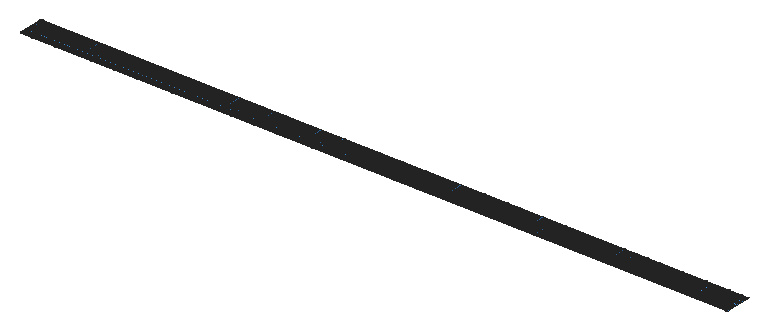
Revit family "Murfor Compact E-70 Masonry Reinforcement", category Specialty Equipment, Revit 2018
Family settings
  Round Connector Dimension = Use Diameter
  Part Type = Normal
  Work Plane-Based = No
  Always vertical = Yes
  Cut with Voids When Loaded = No
  Shared = No
  Room Calculation Point = No
Parameters (values of type "Murfor Compact E-70")
  Z = 71.50 mm
  Youngs Modulus - Gpa = 150
  Yield Strength - Mpa = 1300
  Y [instance] = X / 2  # 30
  X [instance] = Length L / Step c - 1  # 60
  Width - w = 70.00 mm
  Weight kg/ roll = "2.65kg per roll"
  URL = "https://www.bekaert.com/en/"
  Type Image = Murfor Compact E-70.PNG
  Type Comments = "A mesh consisiting of 14 steel cords."
  Thickness - e = 1.75 mm
  Strain Agt = 2
  Step c = 33.00 mm
  Steel Section Total = 9.66 mm
  Pitch (short) - a = 5.00 mm
  Pitch (long) - b = 7.50 mm
  Model = ""
  Material Coating Reference EN845-3 = "R1"
  Material = Austenitic Stainless Steel
  Manufacturer = "Bekaert"
  Longtidinal Cord = 0.69 mm
  Length L [instance] = 2000.00 mm
  Keynote = "Suitable for all mortar joints with thickness between 3mm and 12mm"
  Description = "Compact masonry reinforcement, steel chords on interwoven fibreglass roving"
  Datasheet = "https://www.bekaert.com/en/product-catalog/content/datasheets/Murfor-Compact"
  Application = "Murfor Compact E-70 is made of Ausenitic Stainless steel (Molybdene - chrome - nickel alloy). This type of reinforcement has been specifically designed for exterior masonry (exposure class MX2, MX3 and MX4, compliant with Eurocode 6/EN 845-3"
Types (2, lengths in mm): name | Type Image | Type Comments | Keynote
  Murfor Compact E-70 | Murfor Compact E-70.PNG | "A mesh consisiting of 14 steel cords." | "Suitable for all mortar joints with thickness between 3mm and 12mm"
  Murfor Compact E-70 Masonry Reinforcement | <None> | "Suitable for all mortar joints with thickness between 3mm and 12mm" | "A mesh consisiting of 14 steel cords."
Reference planes
  plane 1 "Center (Front/Back)": y = 0
  plane 2: z = 0
  plane 3 "Center (Left/Right)": x = 0
  plane 4 "Center L/S": x = 2000
  plane 5 "Center L/T": y = 70
  plane 6 "Center L/U": y = 5
  plane 7 "Center L/V": y = 10
  plane 8 "Center L/W": y = 55
  plane 9 "Center L/X": y = 60
  plane 10 "Center L/Y": y = 65
  plane 11 "Center L/Z": y = -1.75
  plane 12 "Center L/AA": y = 71.75
  plane 13: z = 0.875
  plane 14 "Center L/BB": y = 15
  plane 15 "Center L/CC": y = 20
  plane 16 "Center L/DD": y = 25
  plane 17 "Center L/EE": y = 50
  plane 18 "Center L/FF": y = 45
  plane 19 "Center L/GG": y = 32.5
  plane 20 "Center L/II": y = 37.5
Lines and regions (mm)
  symbolic lines, style "Masonry Reinforcement"
    curve 1: line (0, 71.75, 0) -> (2000, 71.75, 0)
    curve 2: line (0, -1.75, 0) -> (0, 71.75, 0)
    curve 3: line (2000, -1.75, 0) -> (0, -1.75, 0)
    curve 4: line (2000, 71.75, 0) -> (2000, -1.75, 0)
    curve 5: line (0, 60, 0) -> (2000, 60, 0)
    curve 6: line (0, 10, 0) -> (2000, 10, 0)
    curve 69: line (0, 20, 0) -> (2000, 20, 0)
    curve 70: line (0, 50, 0) -> (2000, 50, 0)
    curve 71: line (0, 32.5, 0) -> (2000, 32.5, 0)
    curve 72: line (0, 37.5, 0) -> (2000, 37.5, 0)
  symbolic lines
    curve 7: line (0, 0, 0) -> (33, 70.985, 0)
    curve 8: line (33, 70.985, 0) -> (66, -0.515, 0)
    curve 11: line (66, 0, 0) -> (99, 70.985, 0)
    curve 12: line (99, 70.985, 0) -> (132, -0.515, 0)
    curve 13: line (132, 0, 0) -> (165, 70.985, 0)
    curve 14: line (165, 70.985, 0) -> (198, -0.515, 0)
    curve 15: line (198, 0, 0) -> (231, 70.985, 0)
    curve 16: line (231, 70.985, 0) -> (264, -0.515, 0)
    curve 17: line (264, 0, 0) -> (297, 70.985, 0)
    curve 18: line (297, 70.985, 0) -> (330, -0.515, 0)
    curve 19: line (330, 0, 0) -> (363, 70.985, 0)
    curve 20: line (363, 70.985, 0) -> (396, -0.515, 0)
    curve 21: line (396, 0, 0) -> (429, 70.985, 0)
    curve 22: line (429, 70.985, 0) -> (462, -0.515, 0)
    curve 23: line (462, 0, 0) -> (495, 70.985, 0)
    curve 24: line (495, 70.985, 0) -> (528, -0.515, 0)
    curve 25: line (528, 0, 0) -> (561, 70.985, 0)
    curve 26: line (561, 70.985, 0) -> (594, -0.515, 0)
    curve 27: line (594, 0, 0) -> (627, 70.985, 0)
    curve 28: line (627, 70.985, 0) -> (660, -0.515, 0)
    curve 29: line (660, 0, 0) -> (693, 70.985, 0)
    curve 30: line (693, 70.985, 0) -> (726, -0.515, 0)
    curve 31: line (726, 0, 0) -> (759, 70.985, 0)
    curve 32: line (759, 70.985, 0) -> (792, -0.515, 0)
    curve 33: line (792, 0, 0) -> (825, 70.985, 0)
    curve 34: line (825, 70.985, 0) -> (858, -0.515, 0)
    curve 35: line (858, 0, 0) -> (891, 70.985, 0)
    curve 36: line (891, 70.985, 0) -> (924, -0.515, 0)
    curve 37: line (924, 0, 0) -> (957, 70.985, 0)
    curve 38: line (957, 70.985, 0) -> (990, -0.515, 0)
    curve 39: line (990, 0, 0) -> (1023, 70.985, 0)
    curve 40: line (1023, 70.985, 0) -> (1056, -0.515, 0)
    curve 41: line (1056, 0, 0) -> (1089, 70.985, 0)
    curve 42: line (1089, 70.985, 0) -> (1122, -0.515, 0)
    curve 43: line (1122, 0, 0) -> (1155, 70.985, 0)
    curve 44: line (1155, 70.985, 0) -> (1188, -0.515, 0)
    curve 45: line (1188, 0, 0) -> (1221, 70.985, 0)
    curve 46: line (1221, 70.985, 0) -> (1254, -0.515, 0)
    curve 47: line (1254, 0, 0) -> (1287, 70.985, 0)
    curve 48: line (1287, 70.985, 0) -> (1320, -0.515, 0)
    curve 49: line (1320, 0, 0) -> (1353, 70.985, 0)
    curve 50: line (1353, 70.985, 0) -> (1386, -0.515, 0)
    curve 51: line (1386, 0, 0) -> (1419, 70.985, 0)
    curve 52: line (1419, 70.985, 0) -> (1452, -0.515, 0)
    curve 53: line (1452, 0, 0) -> (1485, 70.985, 0)
    curve 54: line (1485, 70.985, 0) -> (1518, -0.515, 0)
    curve 55: line (1518, 0, 0) -> (1551, 70.985, 0)
    curve 56: line (1551, 70.985, 0) -> (1584, -0.515, 0)
    curve 57: line (1584, 0, 0) -> (1617, 70.985, 0)
    curve 58: line (1617, 70.985, 0) -> (1650, -0.515, 0)
    curve 59: line (1650, 0, 0) -> (1683, 70.985, 0)
    curve 60: line (1683, 70.985, 0) -> (1716, -0.515, 0)
    curve 61: line (1716, 0, 0) -> (1749, 70.985, 0)
    curve 62: line (1749, 70.985, 0) -> (1782, -0.515, 0)
    curve 63: line (1782, 0, 0) -> (1815, 70.985, 0)
    curve 64: line (1815, 70.985, 0) -> (1848, -0.515, 0)
    curve 65: line (1848, 0, 0) -> (1881, 70.985, 0)
    curve 66: line (1881, 70.985, 0) -> (1914, -0.515, 0)
    curve 67: line (1914, 0, 0) -> (1947, 70.985, 0)
    curve 68: line (1947, 70.985, 0) -> (1980, -0.515, 0)
  symbolic lines, not visible
    curve 9: line (0, 0, 0) -> (33, 70.985, 0)
    curve 10: line (33, 70.985, 0) -> (66, -0.515, 0)
Dimensions and locks
  "Length L": plane 3 "Center (Left/Right)" to plane 4 "Center L/S"
  "Width - w": plane 1 "Center (Front/Back)" to plane 5 "Center L/T"
  "Pitch (short) - a": plane 1 "Center (Front/Back)" to plane 6 "Center L/U"
  "Pitch (short) - a": plane 6 "Center L/U" to plane 7 "Center L/V"
  "Pitch (short) - a": plane 10 "Center L/Y" to plane 5 "Center L/T"
  "Pitch (short) - a": plane 9 "Center L/X" to plane 10 "Center L/Y"
  "Pitch (short) - a": plane 8 "Center L/W" to plane 9 "Center L/X"
  "Thickness - e": plane 5 "Center L/T" to plane 12 "Center L/AA"
  "Thickness - e": plane 11 "Center L/Z" to plane 1 "Center (Front/Back)"
  "Step c": plane 3 "Center (Left/Right)" to nested 8
  nested 8 to level = 0.00 mm
  equal spacing: group 2, group 4, group 5, group 6, group 7, group 8, group 9, group 10, group 11, group 12, group 13, group 14, group 15, group 16, group 17, group 18, group 19, group 20, group 21, group 22, group 23, group 24, group 25, group 26, group 27, group 28, group 29, group 30, group 31, group 32  (x3)
  "Pitch (short) - a": plane 18 "Center L/FF" to plane 17 "Center L/EE"
  "Pitch (short) - a": plane 17 "Center L/EE" to plane 8 "Center L/W"
  "Pitch (short) - a": plane 7 "Center L/V" to plane 14 "Center L/BB"
  "Pitch (short) - a": plane 14 "Center L/BB" to plane 15 "Center L/CC"
  "Pitch (short) - a": plane 15 "Center L/CC" to plane 16 "Center L/DD"
  "Pitch (long) - b": plane 16 "Center L/DD" to plane 19 "Center L/GG"
  "Pitch (long) - b": plane 20 "Center L/II" to plane 18 "Center L/FF"
  equal spacing: group 1, group 33, group 34, group 35, group 36, group 37, group 38, group 39, group 40, group 41, group 42, group 43, group 44, group 45, group 46, group 47, group 48, group 49, group 50, group 51, group 52, group 53, group 54, group 55, group 56, group 57, group 58, group 59, group 60, group 61, group 62, group 63, group 64, group 65, group 66, group 67, group 68, group 69, group 70, group 71, group 72, group 73, group 74, group 75, group 76, group 77, group 78, group 79, group 80, group 81, group 82, group 83, group 84, group 85, group 86, group 87, group 88, group 89, group 90, group 91  (x3)
  aligned and locked: level to plane 2
  aligned and locked: plane 1 "Center (Front/Back)" to nested 1
  aligned and locked: plane 3 "Center (Left/Right)" to nested 1  (x2)
  aligned and locked: plane 5 "Center L/T" to nested 6
  aligned and locked: plane 3 "Center (Left/Right)" to nested 6
  aligned and locked: plane 3 "Center (Left/Right)" to nested 5
  aligned and locked: plane 3 "Center (Left/Right)" to nested 7  (x2)
  aligned and locked: plane 3 "Center (Left/Right)" to nested 4
  aligned and locked: plane 3 "Center (Left/Right)" to nested 3
  aligned and locked: plane 3 "Center (Left/Right)" to nested 2
  aligned and locked: nested 1 to plane 3 "Center (Left/Right)"
  aligned and locked: plane 6 "Center L/U" to nested 2
  aligned and locked: plane 7 "Center L/V" to nested 3
  aligned and locked: plane 8 "Center L/W" to nested 4
  aligned and locked: plane 9 "Center L/X" to nested 7
  aligned and locked: plane 10 "Center L/Y" to nested 5
  aligned and locked: plane 4 "Center L/S" to nested 6  (x2)
  aligned and locked: plane 4 "Center L/S" to nested 5  (x2)
  aligned and locked: plane 4 "Center L/S" to nested 7  (x2)
  aligned and locked: plane 4 "Center L/S" to nested 4  (x2)
  aligned and locked: plane 4 "Center L/S" to nested 3  (x2)
  aligned and locked: plane 4 "Center L/S" to nested 1
  aligned and locked: plane 4 "Center L/S" to nested 2  (x2)
  aligned and locked: plane 12 "Center L/AA" to curve 1
  aligned and locked: plane 3 "Center (Left/Right)" to curve 2
  aligned and locked: curve 3 to plane 11 "Center L/Z"
  aligned and locked: curve 2 to curve 6
  aligned and locked: plane 4 "Center L/S" to curve 6
  aligned and locked: plane 14 "Center L/BB" to nested 9
  aligned and locked: plane 15 "Center L/CC" to nested 10
  aligned and locked: plane 16 "Center L/DD" to nested 11
  aligned and locked: plane 17 "Center L/EE" to nested 12
  aligned and locked: plane 18 "Center L/FF" to nested 13
  aligned and locked: plane 19 "Center L/GG" to nested 14
  aligned and locked: plane 20 "Center L/II" to nested 15
  aligned and locked: nested 2 to plane 3 "Center (Left/Right)"
  aligned and locked: nested 3 to plane 3 "Center (Left/Right)"
  aligned and locked: plane 3 "Center (Left/Right)" to nested 9
  aligned and locked: plane 3 "Center (Left/Right)" to nested 10
  aligned and locked: plane 3 "Center (Left/Right)" to nested 11
  aligned and locked: plane 3 "Center (Left/Right)" to nested 14
  aligned and locked: plane 3 "Center (Left/Right)" to nested 15
  aligned and locked: plane 3 "Center (Left/Right)" to nested 13
  aligned and locked: nested 15 to plane 3 "Center (Left/Right)"
  aligned and locked: plane 3 "Center (Left/Right)" to nested 12
  aligned and locked: nested 4 to plane 3 "Center (Left/Right)"
  aligned and locked: nested 7 to plane 3 "Center (Left/Right)"
  aligned and locked: nested 5 to plane 3 "Center (Left/Right)"
  aligned and locked: nested 6 to plane 3 "Center (Left/Right)"
  aligned and locked: plane 4 "Center L/S" to nested 9  (x2)
  aligned and locked: plane 4 "Center L/S" to nested 10
  aligned and locked: plane 4 "Center L/S" to nested 11
  aligned and locked: plane 4 "Center L/S" to nested 14
  aligned and locked: plane 4 "Center L/S" to nested 15
  aligned and locked: plane 4 "Center L/S" to nested 13
  aligned and locked: plane 4 "Center L/S" to nested 12
Automatic sketch dimensions
  curve 7 to curve 8 = 33.00 mm
  curve 7 to curve 8 = 66.00 mm
  curve 8 to curve 7 = 0.515 mm
  curve 7 to curve 8 = 70.985 mm
  curve 9 to curve 10 = 33.00 mm
  curve 9 to curve 10 = 66.00 mm
  curve 10 to curve 9 = 0.515 mm
  curve 9 to curve 10 = 70.985 mm
  curve 11 to curve 12 = 33.00 mm
  curve 11 to curve 12 = 66.00 mm
  curve 12 to curve 11 = 0.515 mm
  curve 11 to curve 12 = 70.985 mm
  curve 13 to curve 14 = 33.00 mm
  curve 13 to curve 14 = 66.00 mm
  curve 14 to curve 13 = 0.515 mm
  curve 13 to curve 14 = 70.985 mm
  curve 15 to curve 16 = 33.00 mm
  curve 15 to curve 16 = 66.00 mm
  curve 16 to curve 15 = 0.515 mm
  curve 15 to curve 16 = 70.985 mm
  curve 17 to curve 18 = 33.00 mm
  curve 17 to curve 18 = 66.00 mm
  curve 18 to curve 17 = 0.515 mm
  curve 17 to curve 18 = 70.985 mm
  curve 19 to curve 20 = 33.00 mm
  curve 19 to curve 20 = 66.00 mm
  curve 20 to curve 19 = 0.515 mm
  curve 19 to curve 20 = 70.985 mm
  curve 21 to curve 22 = 33.00 mm
  curve 21 to curve 22 = 66.00 mm
  curve 22 to curve 21 = 0.515 mm
  curve 21 to curve 22 = 70.985 mm
  curve 23 to curve 24 = 33.00 mm
  curve 23 to curve 24 = 66.00 mm
  curve 24 to curve 23 = 0.515 mm
  curve 23 to curve 24 = 70.985 mm
  curve 25 to curve 26 = 33.00 mm
  curve 25 to curve 26 = 66.00 mm
  curve 26 to curve 25 = 0.515 mm
  curve 25 to curve 26 = 70.985 mm
  curve 27 to curve 28 = 33.00 mm
  curve 27 to curve 28 = 66.00 mm
  curve 28 to curve 27 = 0.515 mm
  curve 27 to curve 28 = 70.985 mm
  curve 29 to curve 30 = 33.00 mm
  curve 29 to curve 30 = 66.00 mm
  curve 30 to curve 29 = 0.515 mm
  curve 29 to curve 30 = 70.985 mm
  curve 31 to curve 32 = 33.00 mm
  curve 31 to curve 32 = 66.00 mm
  curve 32 to curve 31 = 0.515 mm
  curve 31 to curve 32 = 70.985 mm
  curve 33 to curve 34 = 33.00 mm
  curve 33 to curve 34 = 66.00 mm
  curve 34 to curve 33 = 0.515 mm
  curve 33 to curve 34 = 70.985 mm
  curve 35 to curve 36 = 33.00 mm
  curve 35 to curve 36 = 66.00 mm
  curve 36 to curve 35 = 0.515 mm
  curve 35 to curve 36 = 70.985 mm
  curve 37 to curve 38 = 33.00 mm
  curve 37 to curve 38 = 66.00 mm
  curve 38 to curve 37 = 0.515 mm
  curve 37 to curve 38 = 70.985 mm
  curve 39 to curve 40 = 33.00 mm
  curve 39 to curve 40 = 66.00 mm
  curve 40 to curve 39 = 0.515 mm
  curve 39 to curve 40 = 70.985 mm
  curve 41 to curve 42 = 33.00 mm
  curve 41 to curve 42 = 66.00 mm
  curve 42 to curve 41 = 0.515 mm
  curve 41 to curve 42 = 70.985 mm
  curve 43 to curve 44 = 33.00 mm
  curve 43 to curve 44 = 66.00 mm
  curve 44 to curve 43 = 0.515 mm
  curve 43 to curve 44 = 70.985 mm
  curve 45 to curve 46 = 33.00 mm
  curve 45 to curve 46 = 66.00 mm
  curve 46 to curve 45 = 0.515 mm
  curve 45 to curve 46 = 70.985 mm
  curve 47 to curve 48 = 33.00 mm
  curve 47 to curve 48 = 66.00 mm
  curve 48 to curve 47 = 0.515 mm
  curve 47 to curve 48 = 70.985 mm
  curve 49 to curve 50 = 33.00 mm
  curve 49 to curve 50 = 66.00 mm
  curve 50 to curve 49 = 0.515 mm
  curve 49 to curve 50 = 70.985 mm
  curve 51 to curve 52 = 33.00 mm
  curve 51 to curve 52 = 66.00 mm
  curve 52 to curve 51 = 0.515 mm
  curve 51 to curve 52 = 70.985 mm
  curve 53 to curve 54 = 33.00 mm
  curve 53 to curve 54 = 66.00 mm
  curve 54 to curve 53 = 0.515 mm
  curve 53 to curve 54 = 70.985 mm
  curve 55 to curve 56 = 33.00 mm
  curve 55 to curve 56 = 66.00 mm
  curve 56 to curve 55 = 0.515 mm
  curve 55 to curve 56 = 70.985 mm
  curve 57 to curve 58 = 33.00 mm
  curve 57 to curve 58 = 66.00 mm
  curve 58 to curve 57 = 0.515 mm
  curve 57 to curve 58 = 70.985 mm
  curve 59 to curve 60 = 33.00 mm
  curve 59 to curve 60 = 66.00 mm
  curve 60 to curve 59 = 0.515 mm
  curve 59 to curve 60 = 70.985 mm
  curve 61 to curve 62 = 33.00 mm
  curve 61 to curve 62 = 66.00 mm
  curve 62 to curve 61 = 0.515 mm
  curve 61 to curve 62 = 70.985 mm
  curve 63 to curve 64 = 33.00 mm
  curve 63 to curve 64 = 66.00 mm
  curve 64 to curve 63 = 0.515 mm
  curve 63 to curve 64 = 70.985 mm
  curve 65 to curve 66 = 33.00 mm
  curve 65 to curve 66 = 66.00 mm
  curve 66 to curve 65 = 0.515 mm
  curve 65 to curve 66 = 70.985 mm
  curve 67 to curve 68 = 33.00 mm
  curve 67 to curve 68 = 66.00 mm
  curve 68 to curve 67 = 0.515 mm
  curve 67 to curve 68 = 70.985 mm
  plane 7 "Center L/V" to curve 6 = 0.00 mm
  plane 15 "Center L/CC" to curve 69 = 0.00 mm
  plane 19 "Center L/GG" to curve 71 = 0.00 mm
  plane 20 "Center L/II" to curve 72 = 0.00 mm
  plane 17 "Center L/EE" to curve 70 = 0.00 mm
  plane 9 "Center L/X" to curve 5 = 0.00 mm
Nested families
  nested 1: "Murfor Cord Section" at (0, 0, 0), Material <- "Material", type "Murfor Cord Section"
    with Material Austenitic Stainless Steel, Length 2000.00 mm
  nested 2: "Murfor Cord Section" at (0, 5, 0), Material <- "Material", type "Murfor Cord Section"
    with Material Austenitic Stainless Steel, Length 2000.00 mm
  nested 3: "Murfor Cord Section" at (0, 10, 0), Material <- "Material", type "Murfor Cord Section"
    with Material Austenitic Stainless Steel, Length 2000.00 mm
  nested 4: "Murfor Cord Section" at (0, 55, 0), Material <- "Material", type "Murfor Cord Section"
    with Material Austenitic Stainless Steel, Length 2000.00 mm
  nested 5: "Murfor Cord Section" at (0, 65, 0), Material <- "Material", type "Murfor Cord Section"
    with Material Austenitic Stainless Steel, Length 2000.00 mm
  nested 6: "Murfor Cord Section" at (0, 70, 0), Material <- "Material", type "Murfor Cord Section"
    with Material Austenitic Stainless Steel, Length 2000.00 mm
  nested 7: "Murfor Cord Section" at (0, 60, 0), Material <- "Material", type "Murfor Cord Section"
    with Material Austenitic Stainless Steel, Length 2000.00 mm
  nested 8: "Murfor Cord Section" at (33, -0.515, 0) x (0, 1, 0) z (0, 0, 1), Length <- "Z", Material <- "Material", type "Murfor Cord Cross Section"
    with Material Austenitic Stainless Steel, Length 71.50 mm
  nested 9: "Murfor Cord Section" at (0, 15, 0), Material <- "Material", type "Murfor Cord Section"
    with Material Austenitic Stainless Steel, Length 2000.00 mm
  nested 10: "Murfor Cord Section" at (0, 20, 0), Material <- "Material", type "Murfor Cord Section"
    with Material Austenitic Stainless Steel, Length 2000.00 mm
  nested 11: "Murfor Cord Section" at (0, 25, 0), Material <- "Material", type "Murfor Cord Section"
    with Material Austenitic Stainless Steel, Length 2000.00 mm
  nested 12: "Murfor Cord Section" at (0, 50, 0), Material <- "Material", type "Murfor Cord Section"
    with Material Austenitic Stainless Steel, Length 2000.00 mm
  nested 13: "Murfor Cord Section" at (0, 45, 0), Material <- "Material", type "Murfor Cord Section"
    with Material Austenitic Stainless Steel, Length 2000.00 mm
  nested 14: "Murfor Cord Section" at (0, 32.5, 0), Material <- "Material", type "Murfor Cord Section"
    with Material Austenitic Stainless Steel, Length 2000.00 mm
  nested 15: "Murfor Cord Section" at (0, 37.5, 0), Material <- "Material", type "Murfor Cord Section"
    with Material Austenitic Stainless Steel, Length 2000.00 mm
  nested 16: "Murfor Cord Section" at (66, -0.515, 0) x (0, 1, 0) z (0, 0, 1), Length <- "Z", Material <- "Material", type "Murfor Cord Cross Section"
    with Material Austenitic Stainless Steel, Length 71.50 mm
  nested 17: "Murfor Cord Section" at (99, -0.515, 0) x (0, 1, 0) z (0, 0, 1), Length <- "Z", Material <- "Material", type "Murfor Cord Cross Section"
    with Material Austenitic Stainless Steel, Length 71.50 mm
  nested 18: "Murfor Cord Section" at (132, -0.515, 0) x (0, 1, 0) z (0, 0, 1), Length <- "Z", Material <- "Material", type "Murfor Cord Cross Section"
    with Material Austenitic Stainless Steel, Length 71.50 mm
  nested 19: "Murfor Cord Section" at (165, -0.515, 0) x (0, 1, 0) z (0, 0, 1), Length <- "Z", Material <- "Material", type "Murfor Cord Cross Section"
    with Material Austenitic Stainless Steel, Length 71.50 mm
  nested 20: "Murfor Cord Section" at (198, -0.515, 0) x (0, 1, 0) z (0, 0, 1), Length <- "Z", Material <- "Material", type "Murfor Cord Cross Section"
    with Material Austenitic Stainless Steel, Length 71.50 mm
  nested 21: "Murfor Cord Section" at (231, -0.515, 0) x (0, 1, 0) z (0, 0, 1), Length <- "Z", Material <- "Material", type "Murfor Cord Cross Section"
    with Material Austenitic Stainless Steel, Length 71.50 mm
  nested 22: "Murfor Cord Section" at (264, -0.515, 0) x (0, 1, 0) z (0, 0, 1), Length <- "Z", Material <- "Material", type "Murfor Cord Cross Section"
    with Material Austenitic Stainless Steel, Length 71.50 mm
  nested 23: "Murfor Cord Section" at (297, -0.515, 0) x (0, 1, 0) z (0, 0, 1), Length <- "Z", Material <- "Material", type "Murfor Cord Cross Section"
    with Material Austenitic Stainless Steel, Length 71.50 mm
  nested 24: "Murfor Cord Section" at (330, -0.515, 0) x (0, 1, 0) z (0, 0, 1), Length <- "Z", Material <- "Material", type "Murfor Cord Cross Section"
    with Material Austenitic Stainless Steel, Length 71.50 mm
  nested 25: "Murfor Cord Section" at (363, -0.515, 0) x (0, 1, 0) z (0, 0, 1), Length <- "Z", Material <- "Material", type "Murfor Cord Cross Section"
    with Material Austenitic Stainless Steel, Length 71.50 mm
  nested 26: "Murfor Cord Section" at (396, -0.515, 0) x (0, 1, 0) z (0, 0, 1), Length <- "Z", Material <- "Material", type "Murfor Cord Cross Section"
    with Material Austenitic Stainless Steel, Length 71.50 mm
  nested 27: "Murfor Cord Section" at (429, -0.515, 0) x (0, 1, 0) z (0, 0, 1), Length <- "Z", Material <- "Material", type "Murfor Cord Cross Section"
    with Material Austenitic Stainless Steel, Length 71.50 mm
  nested 28: "Murfor Cord Section" at (462, -0.515, 0) x (0, 1, 0) z (0, 0, 1), Length <- "Z", Material <- "Material", type "Murfor Cord Cross Section"
    with Material Austenitic Stainless Steel, Length 71.50 mm
  nested 29: "Murfor Cord Section" at (495, -0.515, 0) x (0, 1, 0) z (0, 0, 1), Length <- "Z", Material <- "Material", type "Murfor Cord Cross Section"
    with Material Austenitic Stainless Steel, Length 71.50 mm
  nested 30: "Murfor Cord Section" at (528, -0.515, 0) x (0, 1, 0) z (0, 0, 1), Length <- "Z", Material <- "Material", type "Murfor Cord Cross Section"
    with Material Austenitic Stainless Steel, Length 71.50 mm
  nested 31: "Murfor Cord Section" at (561, -0.515, 0) x (0, 1, 0) z (0, 0, 1), Length <- "Z", Material <- "Material", type "Murfor Cord Cross Section"
    with Material Austenitic Stainless Steel, Length 71.50 mm
  nested 32: "Murfor Cord Section" at (594, -0.515, 0) x (0, 1, 0) z (0, 0, 1), Length <- "Z", Material <- "Material", type "Murfor Cord Cross Section"
    with Material Austenitic Stainless Steel, Length 71.50 mm
  nested 33: "Murfor Cord Section" at (627, -0.515, 0) x (0, 1, 0) z (0, 0, 1), Length <- "Z", Material <- "Material", type "Murfor Cord Cross Section"
    with Material Austenitic Stainless Steel, Length 71.50 mm
  nested 34: "Murfor Cord Section" at (660, -0.515, 0) x (0, 1, 0) z (0, 0, 1), Length <- "Z", Material <- "Material", type "Murfor Cord Cross Section"
    with Material Austenitic Stainless Steel, Length 71.50 mm
  nested 35: "Murfor Cord Section" at (693, -0.515, 0) x (0, 1, 0) z (0, 0, 1), Length <- "Z", Material <- "Material", type "Murfor Cord Cross Section"
    with Material Austenitic Stainless Steel, Length 71.50 mm
  nested 36: "Murfor Cord Section" at (726, -0.515, 0) x (0, 1, 0) z (0, 0, 1), Length <- "Z", Material <- "Material", type "Murfor Cord Cross Section"
    with Material Austenitic Stainless Steel, Length 71.50 mm
  nested 37: "Murfor Cord Section" at (759, -0.515, 0) x (0, 1, 0) z (0, 0, 1), Length <- "Z", Material <- "Material", type "Murfor Cord Cross Section"
    with Material Austenitic Stainless Steel, Length 71.50 mm
  nested 38: "Murfor Cord Section" at (792, -0.515, 0) x (0, 1, 0) z (0, 0, 1), Length <- "Z", Material <- "Material", type "Murfor Cord Cross Section"
    with Material Austenitic Stainless Steel, Length 71.50 mm
  nested 39: "Murfor Cord Section" at (825, -0.515, 0) x (0, 1, 0) z (0, 0, 1), Length <- "Z", Material <- "Material", type "Murfor Cord Cross Section"
    with Material Austenitic Stainless Steel, Length 71.50 mm
  nested 40: "Murfor Cord Section" at (858, -0.515, 0) x (0, 1, 0) z (0, 0, 1), Length <- "Z", Material <- "Material", type "Murfor Cord Cross Section"
    with Material Austenitic Stainless Steel, Length 71.50 mm
  nested 41: "Murfor Cord Section" at (891, -0.515, 0) x (0, 1, 0) z (0, 0, 1), Length <- "Z", Material <- "Material", type "Murfor Cord Cross Section"
    with Material Austenitic Stainless Steel, Length 71.50 mm
  nested 42: "Murfor Cord Section" at (924, -0.515, 0) x (0, 1, 0) z (0, 0, 1), Length <- "Z", Material <- "Material", type "Murfor Cord Cross Section"
    with Material Austenitic Stainless Steel, Length 71.50 mm
  nested 43: "Murfor Cord Section" at (957, -0.515, 0) x (0, 1, 0) z (0, 0, 1), Length <- "Z", Material <- "Material", type "Murfor Cord Cross Section"
    with Material Austenitic Stainless Steel, Length 71.50 mm
  nested 44: "Murfor Cord Section" at (990, -0.515, 0) x (0, 1, 0) z (0, 0, 1), Length <- "Z", Material <- "Material", type "Murfor Cord Cross Section"
    with Material Austenitic Stainless Steel, Length 71.50 mm
  nested 45: "Murfor Cord Section" at (1023, -0.515, 0) x (0, 1, 0) z (0, 0, 1), Length <- "Z", Material <- "Material", type "Murfor Cord Cross Section"
    with Material Austenitic Stainless Steel, Length 71.50 mm
  nested 46: "Murfor Cord Section" at (1056, -0.515, 0) x (0, 1, 0) z (0, 0, 1), Length <- "Z", Material <- "Material", type "Murfor Cord Cross Section"
    with Material Austenitic Stainless Steel, Length 71.50 mm
  nested 47: "Murfor Cord Section" at (1089, -0.515, 0) x (0, 1, 0) z (0, 0, 1), Length <- "Z", Material <- "Material", type "Murfor Cord Cross Section"
    with Material Austenitic Stainless Steel, Length 71.50 mm
  nested 48: "Murfor Cord Section" at (1122, -0.515, 0) x (0, 1, 0) z (0, 0, 1), Length <- "Z", Material <- "Material", type "Murfor Cord Cross Section"
    with Material Austenitic Stainless Steel, Length 71.50 mm
  nested 49: "Murfor Cord Section" at (1155, -0.515, 0) x (0, 1, 0) z (0, 0, 1), Length <- "Z", Material <- "Material", type "Murfor Cord Cross Section"
    with Material Austenitic Stainless Steel, Length 71.50 mm
  nested 50: "Murfor Cord Section" at (1188, -0.515, 0) x (0, 1, 0) z (0, 0, 1), Length <- "Z", Material <- "Material", type "Murfor Cord Cross Section"
    with Material Austenitic Stainless Steel, Length 71.50 mm
  nested 51: "Murfor Cord Section" at (1221, -0.515, 0) x (0, 1, 0) z (0, 0, 1), Length <- "Z", Material <- "Material", type "Murfor Cord Cross Section"
    with Material Austenitic Stainless Steel, Length 71.50 mm
  nested 52: "Murfor Cord Section" at (1254, -0.515, 0) x (0, 1, 0) z (0, 0, 1), Length <- "Z", Material <- "Material", type "Murfor Cord Cross Section"
    with Material Austenitic Stainless Steel, Length 71.50 mm
  nested 53: "Murfor Cord Section" at (1287, -0.515, 0) x (0, 1, 0) z (0, 0, 1), Length <- "Z", Material <- "Material", type "Murfor Cord Cross Section"
    with Material Austenitic Stainless Steel, Length 71.50 mm
  nested 54: "Murfor Cord Section" at (1320, -0.515, 0) x (0, 1, 0) z (0, 0, 1), Length <- "Z", Material <- "Material", type "Murfor Cord Cross Section"
    with Material Austenitic Stainless Steel, Length 71.50 mm
  nested 55: "Murfor Cord Section" at (1353, -0.515, 0) x (0, 1, 0) z (0, 0, 1), Length <- "Z", Material <- "Material", type "Murfor Cord Cross Section"
    with Material Austenitic Stainless Steel, Length 71.50 mm
  nested 56: "Murfor Cord Section" at (1386, -0.515, 0) x (0, 1, 0) z (0, 0, 1), Length <- "Z", Material <- "Material", type "Murfor Cord Cross Section"
    with Material Austenitic Stainless Steel, Length 71.50 mm
  nested 57: "Murfor Cord Section" at (1419, -0.515, 0) x (0, 1, 0) z (0, 0, 1), Length <- "Z", Material <- "Material", type "Murfor Cord Cross Section"
    with Material Austenitic Stainless Steel, Length 71.50 mm
  nested 58: "Murfor Cord Section" at (1452, -0.515, 0) x (0, 1, 0) z (0, 0, 1), Length <- "Z", Material <- "Material", type "Murfor Cord Cross Section"
    with Material Austenitic Stainless Steel, Length 71.50 mm
  nested 59: "Murfor Cord Section" at (1485, -0.515, 0) x (0, 1, 0) z (0, 0, 1), Length <- "Z", Material <- "Material", type "Murfor Cord Cross Section"
    with Material Austenitic Stainless Steel, Length 71.50 mm
  nested 60: "Murfor Cord Section" at (1518, -0.515, 0) x (0, 1, 0) z (0, 0, 1), Length <- "Z", Material <- "Material", type "Murfor Cord Cross Section"
    with Material Austenitic Stainless Steel, Length 71.50 mm
  nested 61: "Murfor Cord Section" at (1551, -0.515, 0) x (0, 1, 0) z (0, 0, 1), Length <- "Z", Material <- "Material", type "Murfor Cord Cross Section"
    with Material Austenitic Stainless Steel, Length 71.50 mm
  nested 62: "Murfor Cord Section" at (1584, -0.515, 0) x (0, 1, 0) z (0, 0, 1), Length <- "Z", Material <- "Material", type "Murfor Cord Cross Section"
    with Material Austenitic Stainless Steel, Length 71.50 mm
  nested 63: "Murfor Cord Section" at (1617, -0.515, 0) x (0, 1, 0) z (0, 0, 1), Length <- "Z", Material <- "Material", type "Murfor Cord Cross Section"
    with Material Austenitic Stainless Steel, Length 71.50 mm
  nested 64: "Murfor Cord Section" at (1650, -0.515, 0) x (0, 1, 0) z (0, 0, 1), Length <- "Z", Material <- "Material", type "Murfor Cord Cross Section"
    with Material Austenitic Stainless Steel, Length 71.50 mm
  nested 65: "Murfor Cord Section" at (1683, -0.515, 0) x (0, 1, 0) z (0, 0, 1), Length <- "Z", Material <- "Material", type "Murfor Cord Cross Section"
    with Material Austenitic Stainless Steel, Length 71.50 mm
  nested 66: "Murfor Cord Section" at (1716, -0.515, 0) x (0, 1, 0) z (0, 0, 1), Length <- "Z", Material <- "Material", type "Murfor Cord Cross Section"
    with Material Austenitic Stainless Steel, Length 71.50 mm
  nested 67: "Murfor Cord Section" at (1749, -0.515, 0) x (0, 1, 0) z (0, 0, 1), Length <- "Z", Material <- "Material", type "Murfor Cord Cross Section"
    with Material Austenitic Stainless Steel, Length 71.50 mm
  nested 68: "Murfor Cord Section" at (1782, -0.515, 0) x (0, 1, 0) z (0, 0, 1), Length <- "Z", Material <- "Material", type "Murfor Cord Cross Section"
    with Material Austenitic Stainless Steel, Length 71.50 mm
  nested 69: "Murfor Cord Section" at (1815, -0.515, 0) x (0, 1, 0) z (0, 0, 1), Length <- "Z", Material <- "Material", type "Murfor Cord Cross Section"
    with Material Austenitic Stainless Steel, Length 71.50 mm
  nested 70: "Murfor Cord Section" at (1848, -0.515, 0) x (0, 1, 0) z (0, 0, 1), Length <- "Z", Material <- "Material", type "Murfor Cord Cross Section"
    with Material Austenitic Stainless Steel, Length 71.50 mm
  nested 71: "Murfor Cord Section" at (1881, -0.515, 0) x (0, 1, 0) z (0, 0, 1), Length <- "Z", Material <- "Material", type "Murfor Cord Cross Section"
    with Material Austenitic Stainless Steel, Length 71.50 mm
  nested 72: "Murfor Cord Section" at (1914, -0.515, 0) x (0, 1, 0) z (0, 0, 1), Length <- "Z", Material <- "Material", type "Murfor Cord Cross Section"
    with Material Austenitic Stainless Steel, Length 71.50 mm
  nested 73: "Murfor Cord Section" at (1947, -0.515, 0) x (0, 1, 0) z (0, 0, 1), Length <- "Z", Material <- "Material", type "Murfor Cord Cross Section"
    with Material Austenitic Stainless Steel, Length 71.50 mm
  nested 74: "Murfor Cord Section" at (1980, -0.515, 0) x (0, 1, 0) z (0, 0, 1), Length <- "Z", Material <- "Material", type "Murfor Cord Cross Section"
    with Material Austenitic Stainless Steel, Length 71.50 mm
Definition of nested family "Murfor Cord Section"
  Parameters (values of type "Murfor Cord Section")
    Thickness - e = 1.75 mm
    Material [instance] = none
    Length [instance] = 1000.00 mm
  Types (2, lengths in mm): name | Thickness - e
    Murfor Cord Section | 1.75
    Murfor Cord Cross Section | 0.90
  Reference planes
    plane 1 "Center (Front/Back)": y = 0
    plane 2: z = 0
    plane 3 "Center (Left/Right)": x = 0
    plane 4: x = 1000
  Forms (mm)
    Extrusion 1, solid, material <- "Material"
      sketch origin (0, 0, 0) x (0, 1, 0) y (0, 0, 1)
        loop
          circle (0, 0) r 0.875
      from 0 to 1000
  Dimensions and locks
    "Length": plane 3 "Center (Left/Right)" to plane 4
    "Thickness - e": diameter of Extrusion 1 sketch curve
    aligned and locked: level to plane 2
    aligned and locked: Extrusion 1 to plane 3 "Center (Left/Right)"
    aligned and locked: plane 4 to Extrusion 1
  Automatic sketch dimensions
    Extrusion 1 sketch curve to level = 0.00 mm
    Extrusion 1 sketch curve to plane 1 "Center (Front/Back)" = 0.00 mm
